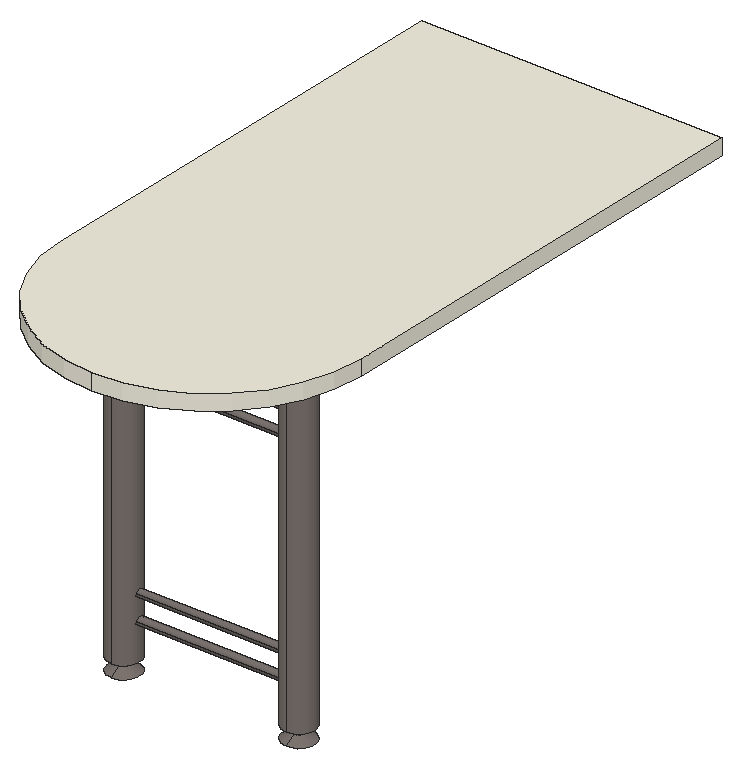
Revit family
Parameters (values of type "24"D x 48"W")
  Work Surface Wood = no
  Work Surface Laminate = not(Work Surface Wood)  # yes
  Width = 4' - 0"
  URL = "http://www.hermanmiller.com/"
  Top/Edge Finish [instance] = Herman Miller - Finish LU Soft White
  Surface Material [instance] = if(Work Surface Wood, "Veneer", "Laminate")  # "Laminate"
  Product Documentation Link = "http://www.hermanmiller.com/actionoffice/"
  Peninsula Radius = if(1 = 0, Depth / 2, Depth / 2)  # 1' - 0"
  OmniClass Title = "Panel-Hung Component"  # constant formula
  OmniClass Number = "23.40.70.14.64.21.11"  # constant formula
  Model = "A23502448L"
  Manufacturer = "Herman Miller, Inc."  # constant formula
  Leg Finish [instance] = Herman Miller - Finish MT Medium Tone
  Leg Diameter Outer = 0' - 2 1/2"  # constant formula
  Leg Diameter Inner = Leg Diameter Outer - 0' 1 3/4"  # 0' - 0 3/4"
  Keynote = ""
  Height [instance] = 2' - 5"
  Description = "Penin Sq-Edge Round-End Lam 24D 48W"
  Depth = 2' - 0"
  Copyright © = "Copyright © Herman Miller, Inc."  # constant formula
  Catalog = "Action Office System (HAO)"  # constant formula
  Assembly Code = "E2020200"
Reference planes (in)
  plane 1 "Round End Start": y = -21
  plane 2 "Bottom": z = 0
  plane 3 "Center (Left/Right)": x = 0
  plane 4 "Left": x = -12
  plane 5 "Right": x = 12
  plane 6 "Back": y = 15
  plane 7 "Front": y = -33
  plane 8 "Top": z = 29
  plane 9 "Center (Top/Bottom)": z = 14.5
  plane 10 "Peninsula Bottom": z = 27.75
  plane 11 "Bottom Inset": z = 0.5
  plane 12 "Bottom Inset 2": z = 1
  plane 13 "Leg Back": y = -19.75
  plane 14 "Leg Front": y = -22.25
  plane 15 "Inner Leg Back": y = -20.625
  plane 16 "Inner Leg Front": y = -21.375
  plane 17 "Left Leg Middle": x = -7
  plane 18 "Right Leg Middle": x = 7
  plane 19 "Left Leg Left": x = -8.25
  plane 20 "Left Leg Right": x = -5.75
  plane 21 "Left Leg Inner Right": x = -6.625
  plane 22 "Left Leg Inner Left": x = -7.375
  plane 23 "Right Leg Right": x = 8.25
  plane 24 "Right Leg Left": x = 5.75
  plane 25 "Right Leg Inner Left": x = 6.625
  plane 26 "Right Leg Inner Right": x = 7.375
  plane 27 "Rod 1 Middle": z = 23.5
  plane 28 "Rod 1 Top": z = 23.8125
  plane 29 "Rod 1 Bottom": z = 23.1875
  plane 30 "Rod 2 Middle": z = 21.5
  plane 31 "Rod 2 Top": z = 21.8125
  plane 32 "Rod 2 Bottom": z = 21.1875
  plane 33 "Rod 3 Middle": z = 6
  plane 34 "Rod 3 Top": z = 6.3125
  plane 35 "Rod 3 Bottom": z = 5.6875
  plane 36 "Rod 4 Middle": z = 4
  plane 37 "Rod 4 Top": z = 4.3125
  plane 38 "Rod 4 Bottom": z = 3.6875
  plane 39 "Rod Back": y = -20.6875
  plane 40 "Rod Front": y = -21.3125
  plane 41 "Rod Left Offset": x = -6
  plane 42 "Rod Right Offset": x = 6
Forms (in)
  Extrusion 1, solid, material "Herman Miller - Finish LU Soft White" <- "Top/Edge Finish"
    sketch origin (0, 0, 0) x (1, 0, 0) y (0, 1, 0)
      loop
        line (-12, 15) -> (-12, -21)
        arc (-12, -21) -> (-8.48528, -29.48528) -> (0, -33) r 12
        arc (0, -33) -> (8.48528, -29.48528) -> (12, -21) r 12
        line (12, -21) -> (12, 15) -> (-12, 15)
    from 27.75 to 29
  Revolve 2, solid, material "Herman Miller - Finish MT Medium Tone" <- "Leg Finish", detail levels medium+fine
    sketch origin (7, 0, 0) x (0, -1, 0) y (0, 0, 1)
      loop
        line (21, 27.75) -> (19.75, 27.75) -> (19.75, 1) -> (20.625, 1) -> (20.625, 0.5) -> (19.75, 0) -> (21, 0) -> (21, 27.75)
      axis (21, 0) -> (21, 27.75)
    angle from 0 to 360
  Revolve 3, solid, material "Herman Miller - Finish MT Medium Tone" <- "Leg Finish", detail levels medium+fine
    sketch origin (-7, 0, 0) x (0, -1, 0) y (0, 0, 1)
      loop
        line (21, 27.75) -> (19.75, 27.75) -> (19.75, 1) -> (20.625, 1) -> (20.625, 0.5) -> (19.75, 0) -> (21, 0) -> (21, 27.75)
      axis (21, 0) -> (21, 27.75)
    angle from 0 to 360
  Revolve 4, solid, material "Herman Miller - Finish MT Medium Tone" <- "Leg Finish", detail levels coarse+medium
    sketch origin (-7, 0, 0) x (0, -1, 0) y (0, 0, 1)
      loop
        line (21, 27.75) -> (19.75, 27.75) -> (19.75, 0) -> (21, 0) -> (21, 27.75)
      axis (21, 0) -> (21, 27.75)
    angle from 0 to 360
  Revolve 5, solid, material "Herman Miller - Finish MT Medium Tone" <- "Leg Finish", detail levels coarse+medium
    sketch origin (7, 0, 0) x (0, -1, 0) y (0, 0, 1)
      loop
        line (21, 27.75) -> (19.75, 27.75) -> (19.75, 0) -> (21, 0) -> (21, 27.75)
      axis (21, 0) -> (21, 27.75)
    angle from 0 to 360
  Revolve 6, solid, material "Herman Miller - Finish MT Medium Tone" <- "Leg Finish", detail levels medium+fine
    sketch origin (0, 0, 23.5) x (-1, 0, 0) y (0, -1, 0)
      loop
        line (6, 20.6875) -> (6, 21) -> (-6, 21) -> (-6, 20.6875) -> (6, 20.6875)
      axis (-6, 21) -> (6, 21)
    angle from 0 to 360
  Revolve 7, solid, material "Herman Miller - Finish MT Medium Tone" <- "Leg Finish", detail levels fine
    sketch origin (0, 0, 21.5) x (-1, 0, 0) y (0, -1, 0)
      loop
        line (6, 20.6875) -> (6, 21) -> (-6, 21) -> (-6, 20.6875) -> (6, 20.6875)
      axis (6, 21) -> (-6, 21)
    angle from 0 to 360
  Revolve 8, solid, material "Herman Miller - Finish MT Medium Tone" <- "Leg Finish", detail levels fine
    sketch origin (0, 0, 6) x (-1, 0, 0) y (0, -1, 0)
      loop
        line (-6, 20.6875) -> (6, 20.6875) -> (6, 21) -> (-6, 21) -> (-6, 20.6875)
      axis (6, 21) -> (-6, 21)
    angle from 0 to 360
  Revolve 9, solid, material "Herman Miller - Finish MT Medium Tone" <- "Leg Finish", detail levels medium+fine
    sketch origin (0, 0, 4) x (-1, 0, 0) y (0, -1, 0)
      loop
        line (-6, 20.6875) -> (6, 20.6875) -> (6, 21) -> (-6, 21) -> (-6, 20.6875)
      axis (6, 21) -> (-6, 21)
    angle from 0 to 360
Cuts and joins
  joined: Revolve 2, Revolve 3
Lines and regions (in)
  Masking region 1, detail levels coarse+medium
    outline origin (-7, 0, 0) x (0, -1, 0) y (0, 0, 1)
      loop
        line (33, 29) -> (-15, 29) -> (-15, 27.75) -> (19.75, 27.75) -> (19.75, 0) -> (22.25, 0) -> (22.25, 27.75) -> (33, 27.75) -> (33, 29)
  Masking region 2, detail levels fine
    outline origin (-7, 0, 0) x (0, -1, 0) y (0, 0, 1)
      loop
        line (33, 29) -> (-15, 29) -> (-15, 27.75) -> (19.75, 27.75) -> (19.75, 1) -> (20.625, 1) -> (20.625, 0.5) -> (19.75, 0) -> (22.25, 0) -> (21.375, 0.5) -> (21.375, 1) -> (22.25, 1) -> (22.25, 27.75) -> (33, 27.75) -> (33, 29)
  Masking region 3, detail levels coarse+medium
    outline origin (0, -21, 0) x (1, 0, 0) y (0, 0, 1)
      loop
        line (-12, 29) -> (-12, 27.75) -> (-8.25, 27.75) -> (-8.25, 0) -> (-5.75, 0) -> (-5.75, 27.75) -> (5.75, 27.75) -> (5.75, 0) -> (8.25, 0) -> (8.25, 27.75) -> (12, 27.75) -> (12, 29) -> (-12, 29)
  Masking region 4, detail levels fine
    outline origin (0, -21, 0) x (1, 0, 0) y (0, 0, 1)
      loop
        line (-5.75, 21.8125) -> (-5.75, 21.1875) -> (5.75, 21.1875) -> (5.75, 21.8125) -> (-5.75, 21.8125)
      loop
        line (5.75, 6.3125) -> (-5.75, 6.3125) -> (-5.75, 5.6875) -> (5.75, 5.6875) -> (5.75, 6.3125)
  Masking region 5
    outline origin (0, 0, 29) x (-1, 0, 0) y (0, -1, 0)
      loop
        line (-12, -15) -> (12, -15) -> (12, 21)
        arc (12, 21) -> (8.48528, 29.48528) -> (0, 33) r 12
        arc (0, 33) -> (-8.48528, 29.48528) -> (-12, 21) r 12
        line (-12, 21) -> (-12, -15)
  Masking region 6, detail levels fine
    outline origin (0, -21, 0) x (1, 0, 0) y (0, 0, 1)
      loop
        line (-12, 29) -> (-12, 27.75) -> (-8.25, 27.75) -> (-8.25, 1) -> (-7.375, 1) -> (-7.375, 0.5) -> (-8.25, 0) -> (-5.75, 0) -> (-6.625, 0.5) -> (-6.625, 1) -> (-5.75, 1) -> (-5.75, 27.75) -> (5.75, 27.75) -> (5.75, 1) -> (6.625, 1) -> (6.625, 0.5) -> (5.75, 0) -> (8.25, 0) -> (7.375, 0.5) -> (7.375, 1) -> (8.25, 1) -> (8.25, 27.75) -> (12, 27.75) -> (12, 29) -> (-12, 29)
  Masking region 7, detail levels medium+fine
    outline origin (0, -21, 0) x (1, 0, 0) y (0, 0, 1)
      loop
        line (-5.75, 23.8125) -> (-5.75, 23.1875) -> (5.75, 23.1875) -> (5.75, 23.8125) -> (-5.75, 23.8125)
      loop
        line (-5.75, 4.3125) -> (-5.75, 3.6875) -> (5.75, 3.6875) -> (5.75, 4.3125) -> (-5.75, 4.3125)
  symbolic lines
    curve 1: line (-7, -22.25, 27.75) -> (-7, -19.75, 27.75)
    curve 2: line (-8.25, -21, 27.75) -> (-5.75, -21, 27.75)
    curve 3: line (5.75, -21, 27.75) -> (8.25, -21, 27.75)
  symbolic lines, detail levels fine
    curve 4: line (-7.375, -21, 1) -> (-6.625, -21, 1)
    curve 5: line (-7.375, -21, 0.5) -> (-6.625, -21, 0.5)
    curve 6: line (6.625, -21, 1) -> (7.375, -21, 1)
    curve 7: line (7.375, -21, 0.5) -> (6.625, -21, 0.5)
    curve 8: line (-7, -21.375, 1) -> (-7, -20.625, 1)
    curve 9: line (-7, -20.625, 0.5) -> (-7, -21.375, 0.5)
Dimensions and locks (in)
  equal spacing: plane 4 "Left", plane 3 "Center (Left/Right)", plane 5 "Right"
  "Depth": plane 4 "Left" to plane 5 "Right"
  "Width": plane 6 "Back" to plane 7 "Front"
  equal spacing: plane 8 "Top", plane 9 "Center (Top/Bottom)", plane 2 "Bottom"
  "Height": plane 8 "Top" to plane 2 "Bottom"
  "Peninsula Radius": plane 1 "Round End Start" to plane 7 "Front"
  locked: plane 8 "Top" to plane 10 "Peninsula Bottom" at 1.25
  equal spacing: plane 13 "Leg Back", plane 1 "Round End Start", plane 14 "Leg Front"
  "Leg Diameter Outer": plane 13 "Leg Back" to plane 14 "Leg Front"
  equal spacing: plane 15 "Inner Leg Back", plane 1 "Round End Start", plane 16 "Inner Leg Front"
  "Leg Diameter Inner": plane 15 "Inner Leg Back" to plane 16 "Inner Leg Front"
  equal spacing: plane 19 "Left Leg Left", plane 17 "Left Leg Middle", plane 20 "Left Leg Right"
  "Leg Diameter Outer": plane 19 "Left Leg Left" to plane 20 "Left Leg Right"
  equal spacing: plane 22 "Left Leg Inner Left", plane 17 "Left Leg Middle", plane 21 "Left Leg Inner Right"
  "Leg Diameter Inner": plane 22 "Left Leg Inner Left" to plane 21 "Left Leg Inner Right"
  "Leg Diameter Outer": plane 23 "Right Leg Right" to plane 24 "Right Leg Left"
  "Leg Diameter Inner": plane 26 "Right Leg Inner Right" to plane 25 "Right Leg Inner Left"
  equal spacing: plane 24 "Right Leg Left", plane 18 "Right Leg Middle", plane 23 "Right Leg Right"
  equal spacing: plane 25 "Right Leg Inner Left", plane 18 "Right Leg Middle", plane 26 "Right Leg Inner Right"
  locked: plane 10 "Peninsula Bottom" to plane 27 "Rod 1 Middle" at 4.25
  locked: plane 29 "Rod 1 Bottom" to plane 28 "Rod 1 Top" at 0.625
  equal spacing: plane 29 "Rod 1 Bottom", plane 27 "Rod 1 Middle", plane 28 "Rod 1 Top"
  equal spacing: plane 32 "Rod 2 Bottom", plane 30 "Rod 2 Middle", plane 31 "Rod 2 Top"
  locked: plane 32 "Rod 2 Bottom" to plane 31 "Rod 2 Top" at 0.625
  locked: plane 27 "Rod 1 Middle" to plane 30 "Rod 2 Middle" at 2
  equal spacing: plane 35 "Rod 3 Bottom", plane 33 "Rod 3 Middle", plane 34 "Rod 3 Top"
  locked: plane 35 "Rod 3 Bottom" to plane 34 "Rod 3 Top" at 0.625
  equal spacing: plane 38 "Rod 4 Bottom", plane 36 "Rod 4 Middle", plane 37 "Rod 4 Top"
  locked: plane 38 "Rod 4 Bottom" to plane 37 "Rod 4 Top" at 0.625
  locked: plane 11 "Bottom Inset" to plane 2 "Bottom" at 0.5
  locked: plane 12 "Bottom Inset 2" to plane 11 "Bottom Inset" at 0.5
  locked: plane 36 "Rod 4 Middle" to plane 2 "Bottom" at 4
  locked: plane 33 "Rod 3 Middle" to plane 36 "Rod 4 Middle" at 2
  equal spacing: plane 40 "Rod Front", plane 1 "Round End Start", plane 39 "Rod Back"
  locked: plane 40 "Rod Front" to plane 39 "Rod Back" at 0.625
  locked: plane 41 "Rod Left Offset" to plane 20 "Left Leg Right" at 0.25
  locked: plane 24 "Right Leg Left" to plane 42 "Rod Right Offset" at 0.25
  equal spacing: plane 19 "Left Leg Left", plane 3 "Center (Left/Right)", plane 23 "Right Leg Right"
  locked: plane 19 "Left Leg Left" to plane 23 "Right Leg Right" at 16.5
  aligned and locked: Extrusion 1 sketch curve to plane 6 "Back"
  aligned and locked: plane 4 "Left" to Extrusion 1 sketch curve
  aligned and locked: plane 1 "Round End Start" to Extrusion 1 sketch curve  (x2)
  aligned and locked: plane 5 "Right" to Extrusion 1 sketch curve
  aligned and locked: plane 3 "Center (Left/Right)" to Extrusion 1 sketch curve
  aligned and locked: plane 7 "Front" to Extrusion 1 sketch curve
  aligned and locked: plane 8 "Top" to Extrusion 1
  aligned and locked: Extrusion 1 to plane 10 "Peninsula Bottom"
  aligned and locked: plane 1 "Round End Start" to Revolve 2 sketch curve  (x2)
  aligned and locked: plane 13 "Leg Back" to Revolve 2 sketch curve  (x2)
  aligned and locked: plane 2 "Bottom" to Revolve 2 sketch curve
  aligned and locked: plane 11 "Bottom Inset" to Revolve 2 sketch curve
  aligned and locked: plane 15 "Inner Leg Back" to Revolve 2 sketch curve
  aligned and locked: plane 12 "Bottom Inset 2" to Revolve 2 sketch curve
  aligned and locked: Revolve 2 sketch curve to plane 10 "Peninsula Bottom"
  aligned and locked: Revolve 2 sketch curve to plane 1 "Round End Start"
  aligned and locked: plane 2 "Bottom" to Revolve 3 sketch curve
  aligned and locked: Revolve 3 sketch curve to plane 1 "Round End Start"  (x2)
  aligned and locked: Revolve 3 sketch curve to plane 10 "Peninsula Bottom"
  aligned and locked: plane 13 "Leg Back" to Revolve 3 sketch curve
  aligned and locked: plane 12 "Bottom Inset 2" to Revolve 3 sketch curve
  aligned and locked: plane 15 "Inner Leg Back" to Revolve 3 sketch curve
  aligned and locked: plane 11 "Bottom Inset" to Revolve 3 sketch curve
  aligned and locked: Revolve 4 sketch curve to plane 1 "Round End Start"  (x2)
  aligned and locked: plane 2 "Bottom" to Revolve 4 sketch curve
  aligned and locked: plane 13 "Leg Back" to Revolve 4 sketch curve
  aligned and locked: Revolve 4 sketch curve to plane 10 "Peninsula Bottom"
  aligned and locked: plane 2 "Bottom" to Revolve 5 sketch curve
  aligned and locked: plane 13 "Leg Back" to Revolve 5 sketch curve
  aligned and locked: Revolve 5 sketch curve to plane 1 "Round End Start"  (x2)
  aligned and locked: Revolve 5 sketch curve to plane 10 "Peninsula Bottom"
  aligned and locked: Revolve 6 sketch curve to plane 1 "Round End Start"  (x2)
  aligned and locked: Revolve 6 sketch curve to plane 39 "Rod Back"
  aligned and locked: plane 41 "Rod Left Offset" to Revolve 6 sketch curve
  aligned and locked: plane 42 "Rod Right Offset" to Revolve 6 sketch curve
  aligned and locked: Revolve 7 sketch curve to plane 39 "Rod Back"
  aligned and locked: Revolve 7 sketch curve to plane 1 "Round End Start"
  aligned and locked: plane 42 "Rod Right Offset" to Revolve 7 sketch curve
  aligned and locked: plane 41 "Rod Left Offset" to Revolve 7 sketch curve
  aligned and locked: plane 1 "Round End Start" to Revolve 7 sketch curve
  aligned and locked: plane 1 "Round End Start" to Revolve 8 sketch curve  (x2)
  aligned and locked: Revolve 8 sketch curve to plane 41 "Rod Left Offset"
  aligned and locked: plane 39 "Rod Back" to Revolve 8 sketch curve
  aligned and locked: Revolve 8 sketch curve to plane 42 "Rod Right Offset"
  aligned and locked: plane 1 "Round End Start" to Revolve 9 sketch curve  (x2)
  aligned and locked: plane 39 "Rod Back" to Revolve 9 sketch curve
  aligned and locked: Revolve 9 sketch curve to plane 42 "Rod Right Offset"
  aligned and locked: plane 7 "Front" to Masking region 1 sketch curve
  aligned and locked: Masking region 1 sketch curve to plane 8 "Top"
  aligned and locked: plane 10 "Peninsula Bottom" to Masking region 1 sketch curve  (x2)
  aligned and locked: plane 14 "Leg Front" to Masking region 1 sketch curve
  aligned and locked: plane 13 "Leg Back" to Masking region 1 sketch curve
  aligned and locked: plane 2 "Bottom" to Masking region 1 sketch curve
  aligned and locked: Masking region 1 sketch curve to plane 6 "Back"
  aligned and locked: plane 13 "Leg Back" to curve 1
  aligned and locked: curve 1 to plane 10 "Peninsula Bottom"
  aligned and locked: plane 7 "Front" to Masking region 2 sketch curve
  aligned and locked: Masking region 2 sketch curve to plane 8 "Top"
  aligned and locked: plane 10 "Peninsula Bottom" to Masking region 2 sketch curve  (x2)
  aligned and locked: Masking region 2 sketch curve to plane 6 "Back"
  aligned and locked: plane 13 "Leg Back" to Masking region 2 sketch curve  (x2)
  aligned and locked: plane 12 "Bottom Inset 2" to Masking region 2 sketch curve  (x2)
  aligned and locked: plane 15 "Inner Leg Back" to Masking region 2 sketch curve
  aligned and locked: plane 14 "Leg Front" to Masking region 2 sketch curve  (x2)
  aligned and locked: plane 2 "Bottom" to Masking region 2 sketch curve
  aligned and locked: Masking region 2 sketch curve to plane 16 "Inner Leg Front"
  aligned and locked: plane 11 "Bottom Inset" to Masking region 2 sketch curve  (x2)
  aligned and locked: Masking region 3 sketch curve to plane 4 "Left"
  aligned and locked: plane 10 "Peninsula Bottom" to Masking region 3 sketch curve  (x3)
  aligned and locked: Masking region 3 sketch curve to plane 8 "Top"
  aligned and locked: plane 5 "Right" to Masking region 3 sketch curve
  aligned and locked: Masking region 3 sketch curve to plane 23 "Right Leg Right"
  aligned and locked: Masking region 3 sketch curve to plane 24 "Right Leg Left"
  aligned and locked: plane 2 "Bottom" to Masking region 3 sketch curve  (x2)
  aligned and locked: Masking region 3 sketch curve to plane 20 "Left Leg Right"
  aligned and locked: Masking region 3 sketch curve to plane 19 "Left Leg Left"
  aligned and locked: plane 20 "Left Leg Right" to curve 2
  aligned and locked: plane 19 "Left Leg Left" to curve 2
  aligned and locked: curve 2 to plane 10 "Peninsula Bottom"
  aligned and locked: plane 24 "Right Leg Left" to curve 3
  aligned and locked: plane 23 "Right Leg Right" to curve 3
  aligned and locked: curve 3 to plane 10 "Peninsula Bottom"
  aligned and locked: Masking region 4 sketch curve to plane 24 "Right Leg Left"
  aligned and locked: plane 24 "Right Leg Left" to Masking region 4 sketch curve
  aligned and locked: plane 20 "Left Leg Right" to Masking region 4 sketch curve
  aligned and locked: Masking region 4 sketch curve to plane 20 "Left Leg Right"
  aligned and locked: plane 35 "Rod 3 Bottom" to Masking region 4 sketch curve
  aligned and locked: plane 34 "Rod 3 Top" to Masking region 4 sketch curve
  aligned and locked: Masking region 4 sketch curve to plane 32 "Rod 2 Bottom"
  aligned and locked: Masking region 4 sketch curve to plane 31 "Rod 2 Top"
  aligned and locked: Masking region 5 sketch curve to Extrusion 1  (x3)
  aligned and locked: plane 1 "Round End Start" to Masking region 5 sketch curve  (x2)
  aligned and locked: plane 3 "Center (Left/Right)" to Masking region 5 sketch curve
  aligned and locked: plane 21 "Left Leg Inner Right" to curve 5
  aligned and locked: plane 22 "Left Leg Inner Left" to curve 5
  aligned and locked: plane 22 "Left Leg Inner Left" to curve 4
  aligned and locked: plane 21 "Left Leg Inner Right" to curve 4
  aligned and locked: curve 4 to plane 12 "Bottom Inset 2"
  aligned and locked: curve 5 to plane 11 "Bottom Inset"
  aligned and locked: plane 25 "Right Leg Inner Left" to curve 7
  aligned and locked: plane 25 "Right Leg Inner Left" to curve 6
  aligned and locked: plane 26 "Right Leg Inner Right" to curve 6
  aligned and locked: plane 26 "Right Leg Inner Right" to curve 7
  aligned and locked: plane 11 "Bottom Inset" to curve 7
  aligned and locked: curve 6 to plane 12 "Bottom Inset 2"
  aligned and locked: plane 16 "Inner Leg Front" to curve 8
  aligned and locked: plane 15 "Inner Leg Back" to curve 8
  aligned and locked: plane 15 "Inner Leg Back" to curve 9
  aligned and locked: plane 16 "Inner Leg Front" to curve 9
  aligned and locked: plane 11 "Bottom Inset" to curve 9
  aligned and locked: curve 8 to plane 12 "Bottom Inset 2"
  aligned and locked: Masking region 6 sketch curve to plane 4 "Left"
  aligned and locked: Masking region 6 sketch curve to plane 8 "Top"
  aligned and locked: plane 10 "Peninsula Bottom" to Masking region 6 sketch curve  (x3)
  aligned and locked: Masking region 6 sketch curve to plane 19 "Left Leg Left"
  aligned and locked: Masking region 6 sketch curve to plane 20 "Left Leg Right"
  aligned and locked: plane 12 "Bottom Inset 2" to Masking region 6 sketch curve  (x4)
  aligned and locked: plane 11 "Bottom Inset" to Masking region 6 sketch curve  (x4)
  aligned and locked: plane 22 "Left Leg Inner Left" to Masking region 6 sketch curve
  aligned and locked: Masking region 6 sketch curve to plane 21 "Left Leg Inner Right"
  aligned and locked: plane 19 "Left Leg Left" to Masking region 6 sketch curve
  aligned and locked: plane 20 "Left Leg Right" to Masking region 6 sketch curve
  aligned and locked: plane 2 "Bottom" to Masking region 6 sketch curve  (x2)
  aligned and locked: plane 24 "Right Leg Left" to Masking region 6 sketch curve
  aligned and locked: plane 23 "Right Leg Right" to Masking region 6 sketch curve
  aligned and locked: Masking region 6 sketch curve to plane 25 "Right Leg Inner Left"
  aligned and locked: plane 26 "Right Leg Inner Right" to Masking region 6 sketch curve
  aligned and locked: Masking region 6 sketch curve to plane 23 "Right Leg Right"
  aligned and locked: Masking region 6 sketch curve to plane 24 "Right Leg Left"
  aligned and locked: plane 5 "Right" to Masking region 6 sketch curve
  aligned and locked: plane 20 "Left Leg Right" to Masking region 7 sketch curve  (x2)
  aligned and locked: plane 24 "Right Leg Left" to Masking region 7 sketch curve  (x2)
  aligned and locked: Masking region 7 sketch curve to plane 37 "Rod 4 Top"
  aligned and locked: Masking region 7 sketch curve to plane 38 "Rod 4 Bottom"
  aligned and locked: Masking region 7 sketch curve to plane 29 "Rod 1 Bottom"
  aligned and locked: Masking region 7 sketch curve to plane 28 "Rod 1 Top"
  aligned and locked: Revolve 9 sketch curve to plane 41 "Rod Left Offset"
  aligned and locked: plane 4 "Left" to Masking region 5
  aligned and locked: plane 6 "Back" to Masking region 5
  aligned and locked: plane 6 "Back" to Extrusion 1
  aligned and locked: plane 8 "Top" to Masking region 6
  aligned and locked: Masking region 6 to plane 10 "Peninsula Bottom"
  aligned and locked: plane 4 "Left" to Masking region 6
  aligned and locked: plane 21 "Left Leg Inner Right" to Masking region 6
  aligned and locked: Masking region 6 to Extrusion 1
  aligned and locked: Masking region 6 to plane 12 "Bottom Inset 2"
  aligned and locked: Masking region 6 to cut or joined group of Revolve 2, Revolve 3
  aligned and locked: plane 25 "Right Leg Inner Left" to Masking region 6
  aligned and locked: Masking region 6 to plane 2 "Bottom"
  aligned and locked: plane 23 "Right Leg Right" to Masking region 3
  aligned and locked: plane 8 "Top" to Masking region 3
  aligned and locked: Masking region 3 to plane 10 "Peninsula Bottom"
  aligned and locked: Masking region 3 to Extrusion 1
  aligned and locked: Extrusion 1 to plane 5 "Right"
  aligned and locked: Masking region 7 to plane 24 "Right Leg Left"
  aligned and locked: Masking region 4 to plane 20 "Left Leg Right"
  aligned and locked: plane 34 "Rod 3 Top" to Masking region 4
  aligned and locked: plane 35 "Rod 3 Bottom" to Masking region 4
  aligned and locked: Masking region 4 to plane 24 "Right Leg Left"
  aligned and locked: plane 6 "Back" to Masking region 2
  aligned and locked: plane 8 "Top" to Masking region 2
  aligned and locked: Masking region 2 to Extrusion 1
  aligned and locked: Masking region 1 to plane 14 "Leg Front"
  aligned and locked: Masking region 1 to plane 13 "Leg Back"
  aligned and locked: Masking region 1 to plane 2 "Bottom"
  aligned and locked: Masking region 1 to Revolve 4
  aligned and locked: Masking region 1 to curve 1
  aligned and locked: Masking region 1 to plane 10 "Peninsula Bottom"
  aligned and locked: Masking region 1 to plane 7 "Front"
  aligned and locked: plane 6 "Back" to Masking region 1
Automatic sketch dimensions
  Revolve 6 sketch curve to plane 18 "Right Leg Middle" = 0' - 0.18178"
  Revolve 6 sketch curve to Revolve 6 sketch curve = 0' - 0.08573"
  Revolve 7 sketch curve to Revolve 7 sketch curve = 0' - 0 1/4"
  Revolve 7 sketch curve to plane 41 "Rod Left Offset" = 0' - 0 1/4"
  plane 25 "Right Leg Inner Left" to Revolve 8 sketch curve = 0' - 0.23983"
  Revolve 8 sketch curve to Revolve 8 sketch curve = 0' - 0 1/4"
  plane 25 "Right Leg Inner Left" to Revolve 9 sketch curve = 0' - 0.22223"
  Revolve 9 sketch curve to plane 17 "Left Leg Middle" = 0' - 0 1/4"
  level to Revolve 2 sketch curve = 0' - 0 3/4"
  plane 8 "Top" to Revolve 2 sketch curve = 0' - 0 1/2"
  Revolve 3 sketch curve to plane 13 "Leg Back" = 0' - 0"
  Revolve 3 sketch curve to level = 0' - 0 3/4"
  plane 8 "Top" to Revolve 3 sketch curve = 0' - 1 1/4"
  Revolve 4 sketch curve to level = 0' - 2"
  Revolve 4 sketch curve to plane 8 "Top" = 0' - 0 1/2"
  level to Revolve 5 sketch curve = 0' - 1 1/4"
  Revolve 5 sketch curve to plane 8 "Top" = 0' - 1 3/4"
